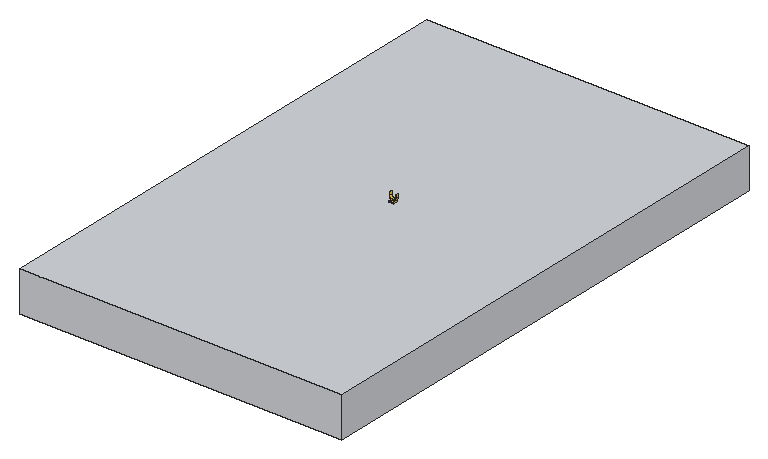
Revit family "Robe_Hook-GROHE-Starlight-41049_Series", category Plumbing Fixtures, host Face, Revit 2016
Family settings
  Host = Face
  Part Type = Normal
  Round Connector Dimension = Use Diameter
  OmniClass Number = 23.40.20.21.27
  OmniClass Title = Towel Bars
  Cut with Voids When Loaded = Yes
  Shared = Yes
  Room Calculation Point = No
Parameters (values of type "41049GN0")
  Width = 2 5/16"  # constant formula
  Waste Connection = no
  Warranty Documentation Link = "https://cdn.cloud.grohe.com/tpi/1000/1900/1940/1949/1949006/original/1949006.pdf"
  WFU = 0  # constant formula
  Vent Connection = no
  URL = "https://www.grohe.us/"
  Type Comments = ""
  Product Page URL = ""
  Price = "Prices may vary. Please consult Manufacturer Representative for most up-to-date price list."  # constant formula
  Model = "41049GN0"
  Material = "Metal-Grohe-GN0-Brushed Cool Sunrise"
  Manufacturer = "Grohe"
  Length = 2 3/16"  # constant formula
  Installation Type = "Wall Mounted"
  Height = 1 3/16"  # constant formula
  HWFU = 0  # constant formula
  HW Connection = no
  Flow Rate = "0"  # constant formula
  Finish = Metal-Grohe-GN0-Brushed Cool Sunrise
  Description = "Robe Hook"  # constant formula
  Default Elevation = 0"  # constant formula
  Creation Date = "08/18/2020"  # constant formula
  CWFU = 0  # constant formula
  CW Connection = no
  Assembly Code = "D2010710"
Types (5): name | Model | Material | Finish
  41049000 | "41049000" | "Metal-Grohe-000-Starlight Chrome" | Metal-Grohe-000-Starlight Chrome
  41049A00 | "41049A00" | "Metal-Grohe-A00-Hard Graphite" | Metal-Grohe-A00-Hard Graphite
  41049BE0 | "41049BE0" | "Metal-Grohe-BE0-Polished Nickel" | Metal-Grohe-BE0-Polished Nickel
  41049EN0 | "41049EN0" | "Metal-Grohe-EN0-Brushed Nickel" | Metal-Grohe-EN0-Brushed Nickel
  41049GN0 | "41049GN0" | "Metal-Grohe-GN0-Brushed Cool Sunrise" | Metal-Grohe-GN0-Brushed Cool Sunrise
Reference planes (in)
  plane 1 "Center (Front/Back)": y = 0
  plane 2: z = 0
  plane 3 "Center (Left/Right)": x = 0
  plane 4: z = 2.3125
  plane 5: z = 0.70312
  plane 6: y = -1.1875
  plane 7: y = -0.59375
  plane 8: x = -1.59375
  plane 9: x = 1.75
  plane 10: z = 0.38951
  plane 11: z = 1.35101
  plane 12: x = 1.9375
  plane 13: x = 1.09375
  plane 14: x = -1.09375
  plane 15: x = -1.93675
  plane 16: x = 0.65625
  plane 17: x = -0.65625
  plane 18: x = 0.34375
  plane 19: x = -0.34375
Forms (in)
  Extrusion 1, solid
    sketch origin (0, 0, 0) x (1, 0, 0) y (0, 1, 0)
      loop
        line (-48, 72) -> (-48, -79.70833) -> (48, -79.70833) -> (48, 72) -> (-48, 72)
    from 0 to -12
  Extrusion 2, solid, material "Metal-Grohe-GN0-Brushed Cool Sunrise" <- "Finish"
    sketch origin (-10.30965, -1.1875, 48) x (-1, 0, 0) y (0, 0, 1)
      loop
        line (-9.39434, -45.6875) -> (-9.39434, -46.49256)
        arc (-9.39434, -46.49256) -> (-10.30953, -47.40776) -> (-11.22472, -46.49256) r 0.91519
        line (-11.22472, -46.49256) -> (-11.22472, -45.6875) -> (-11.4034, -45.6875) -> (-11.4034, -46.53952)
        arc (-11.4034, -46.53952) -> (-11.27793, -47.00341) -> (-10.9659, -47.36888) r 1.09488
        line (-10.9659, -47.36888) -> (-10.9659, -48) -> (-9.6534, -48) -> (-9.6534, -47.36907)
        arc (-9.6534, -47.36907) -> (-9.34246, -47.00592) -> (-9.2159, -46.5449) r 1.09488
        line (-9.2159, -46.5449) -> (-9.2159, -45.6875) -> (-9.39434, -45.6875)
    from 0.59375 to 1.1875
  Extrusion 3, solid, material "Metal-Grohe-GN0-Brushed Cool Sunrise" <- "Finish"
    sketch origin (-10.30965, -1.1875, 48) x (-1, 0, 0) y (0, 0, 1)
      loop
        line (-10.9659, -47.61049) -> (-10.9659, -48) -> (-9.6534, -48) -> (-9.6534, -47.61049) -> (-10.9659, -47.61049)
    from 0 to 1.1875
  Extrusion 4, void
    sketch origin (0, 0, 0) x (0, 1, 0) y (0, 0, 1)
      loop
        circle (0, 1.78279) r 0.1588
    from -1.34347 to 1.35977
Cuts and joins
  Extrusion 4 cuts Extrusion 2
  Extrusion 4 cuts Extrusion 3
  joined: Extrusion 2, Extrusion 3
Lines and regions (in)
  Masking region 1
    outline origin (-10.30965, -1.1875, 48) x (-1, 0, 0) y (0, 0, 1)
      loop
        line (-11.22472, -45.6875) -> (-11.4034, -45.6875) -> (-11.4034, -46.53952)
        arc (-11.4034, -46.53952) -> (-11.27793, -47.00341) -> (-10.9659, -47.36888) r 1.09488
        line (-10.9659, -47.36888) -> (-10.9659, -48) -> (-9.6534, -48) -> (-9.6534, -47.36907)
        arc (-9.6534, -47.36907) -> (-9.34246, -47.00592) -> (-9.2159, -46.5449) r 1.09488
        line (-9.2159, -46.5449) -> (-9.2159, -45.6875) -> (-9.39434, -45.6875) -> (-9.39434, -46.49256)
        arc (-9.39434, -46.49256) -> (-10.30953, -47.40776) -> (-11.22472, -46.49256) r 0.91519
        line (-11.22472, -46.49256) -> (-11.22472, -45.6875)
  Masking region 2
    outline origin (0, 0, 0) x (0, 1, 0) y (0, 0, 1)
      loop
        line (0, 2.3125) -> (-0.59375, 2.3125) -> (-0.59375, 0.38951) -> (-1.1875, 0.38951) -> (-1.1875, 0) -> (0, 0) -> (0, 1.62399)
        arc (0, 1.62399) -> (-0.1588, 1.78279) -> (0, 1.9416) r 0.1588
        line (0, 1.9416) -> (0, 2.3125)
  symbolic lines, style "PlumbingFixtures", detail levels fine
    curve 1: line (-0.91531, -1.1875, 1.9416) -> (-1.09375, -1.1875, 1.9416)
    curve 2: line (-1.09375, -1.1875, 1.62399) -> (-0.91531, -1.1875, 1.62399)
    curve 3: line (1.09375, -1.1875, 1.9416) -> (0.91507, -1.1875, 1.9416)
    curve 4: line (0.91507, -1.1875, 1.62399) -> (1.09375, -1.1875, 1.62399)
    curve 5: line (0, -0.59375, 1.4551) -> (0, 0, 1.4551)
    curve 6: line (0, 0, 0.63093) -> (0, -0.59375, 0.63093)
Dimensions and locks (in)
  level to plane 4 = 2 5/16"
  plane 5 to level = 45/64"
  "Height": plane 6 to plane 1 "Center (Front/Back)"
  equal spacing: plane 1 "Center (Front/Back)", plane 7, plane 6, locked at 0.59375 each
  plane 8 to plane 3 "Center (Left/Right)" = 1 19/32"
  equal spacing: plane 4, plane 11, plane 10
  plane 13 to plane 12 = 27/32"
  plane 15 to plane 8 to plane 14 = 0.343", 1/2"
  plane 3 "Center (Left/Right)" to plane 14 = 1 3/32"
  plane 13 to plane 3 "Center (Left/Right)" = 1 3/32"
  plane 4 to plane 2 = 2 5/16"
  plane 16 to plane 3 "Center (Left/Right)" = 21/32"
  plane 3 "Center (Left/Right)" to plane 17 = 21/32"
  plane 13 to plane 14 = 2 3/16"
  plane 16 to plane 17 = 1 5/16"
  aligned and locked: Extrusion 1 to plane 2
  aligned and locked: Extrusion 1 to level
  aligned and locked: Extrusion 2 to plane 7
  aligned and locked: Extrusion 3 to plane 6
  aligned and locked: plane 6 to Extrusion 3
  aligned and locked: Extrusion 3 to plane 1 "Center (Front/Back)"
  aligned and locked: Extrusion 3 sketch curve to cut or joined group of Extrusion 2, Extrusion 3, Extrusion 4  (x3)
  aligned and locked: Masking region 1 sketch curve to cut or joined group of Extrusion 2, Extrusion 3, Extrusion 4  (x11)
  aligned and locked: curve 1 to cut or joined group of Extrusion 2, Extrusion 3, Extrusion 4
  aligned and locked: curve 2 to cut or joined group of Extrusion 2, Extrusion 3, Extrusion 4
  aligned and locked: curve 3 to cut or joined group of Extrusion 2, Extrusion 3, Extrusion 4
  aligned and locked: curve 4 to cut or joined group of Extrusion 2, Extrusion 3, Extrusion 4
  aligned and locked: Masking region 2 sketch curve to cut or joined group of Extrusion 2, Extrusion 3, Extrusion 4  (x6)
  aligned and locked: cut or joined group of Extrusion 2, Extrusion 3, Extrusion 4 to Masking region 2 sketch curve  (x2)
  aligned and locked: curve 5 to cut or joined group of Extrusion 2, Extrusion 3, Extrusion 4
  aligned and locked: curve 6 to cut or joined group of Extrusion 2, Extrusion 3, Extrusion 4
Automatic sketch dimensions
  Extrusion 1 sketch curve to Extrusion 1 sketch curve = 96"
  Extrusion 1 sketch curve to Extrusion 1 sketch curve = 151.70833"
  Extrusion 2 sketch curve to Extrusion 2 sketch curve = 0"  (x4)
  Extrusion 2 sketch curve to plane 4 = 0"  (x2)
  Extrusion 2 sketch curve to plane 13 = 0"
  Extrusion 2 sketch curve to level = 0"
  plane 14 to Extrusion 2 sketch curve = 0"
  Extrusion 2 sketch curve to plane 13 = 0.17868"
  Extrusion 2 sketch curve to plane 3 "Center (Left/Right)" = 0.00012"
  Extrusion 2 sketch curve to plane 11 = 0.1041"
  Extrusion 2 sketch curve to plane 5 = 0.07201"
  Extrusion 2 sketch curve to plane 17 = 0"
  Extrusion 2 sketch curve to plane 11 = 0.10948"
  Extrusion 2 sketch curve to plane 16 = 0"
  Extrusion 3 sketch curve to plane 10 = 0"
  plane 14 to curve 1 = 0"
  curve 1 to curve 1 = 0.17844"
  plane 14 to curve 2 = 0"
  curve 2 to curve 2 = 0.17844"
  curve 3 to plane 13 = 0"
  curve 3 to plane 13 = 0.17868"
  curve 4 to plane 13 = 0"
  curve 4 to plane 13 = 0.17868"
  curve 5 to plane 7 = 0"
  curve 5 to plane 1 "Center (Front/Back)" = 0"
  curve 6 to plane 7 = 0"
  curve 6 to plane 1 "Center (Front/Back)" = 0"
Connectors (in)
  piping at (0, -0.59375, 0), diameter 0.5, driven by "Installation Type"
    settings: on Extrusion 3, index 2, connector inside diameter 24", connector length 0", flow factor 0, pipe flow 0 GPM, pressure drop 0.00 psi, fitting loss kfactor 0, connector angle 0.00°, fixture units 0, engagement length 0", angle of deflection 0.00°, flow configuration 3, flow direction 1, fitting loss method 0, system type 20, joint type 0, gender type 0, connector reference index -1, connector utility 0, adjustable connector no, is connector primary yes, connector description "Wall Mounted"
